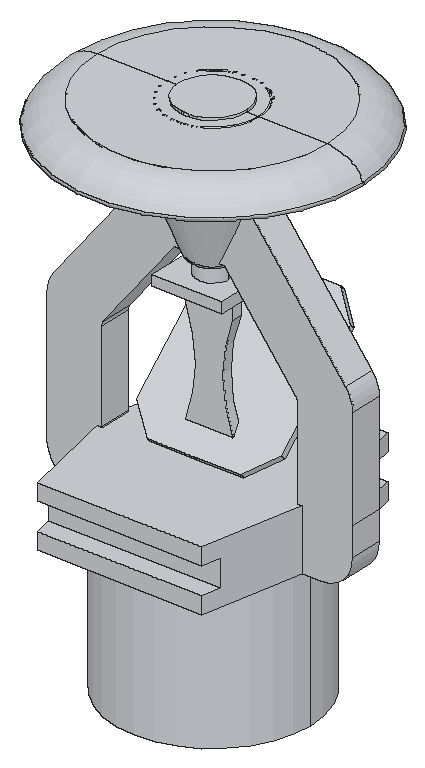
Revit family
Parameters (values of type "RASCO JL112 UPRIGHT")
  Temperature Rating = 212 °F
  Response = 1
  RASCO SIN # = "R7326"
  RASCO Part # = "JL112U2W"
  Pressure Rating = "175 PSI"
  Pressure Class = (empty or 0)
  Orifice Size = 3/4"
  Orifice = (empty or 0)
  Model = "JL112"
  Manufacturer = "RASCO"
  K-Factor = 11.2
  Description = "WHITE FINISH"
  Coverage = (empty or 0)
Reference planes (in)
  plane 1 "Center (Front/Back)": y = 0
  plane 2: z = 0
  plane 3 "Center (Left/Right)": x = 0
Nested families (in)
  nested 1: "JL112U2W" at (0, 0, 0), type "RASCO JL112 UPRIGHT"
Connectors (in)
  piping at (0, 0, 0)
    settings: on nested 1, index 1, connector radius 1/2", flow factor 0, pipe flow 0 GPM, pressure drop 0.00 psi, fitting loss kfactor 0, connector angle 0.00°, fixture units 0, flow configuration 0, flow direction 0, fitting loss method 0, system type 7, connector reference index -1, connector utility 0, adjustable connector no, is connector primary yes, fitting loss table "", connector description ""
Definition of nested family "JL112U2W"
  Parameters (values of type "RASCO JL112 UPRIGHT")
    Type Comments = ""
    Temperature Rating = 0 °F
    Response = (empty or 0)
    Pressure Rating = "0"
    Pressure Class = (empty or 0)
    Orifice Size = 0"
    Orifice = (empty or 0)
    Model = ""
    Manufacturer = ""
    K-Factor = 0
    Description = ""
    Coverage = (empty or 0)
    Assembly Code = ""
  Reference planes (in)
    plane 1 "Center (Front/Back)": y = 0
    plane 2: z = 0
    plane 3 "REF.1": z = 0.773
    plane 4 "top": z = 2.8125
    plane 5: x = -0.81624
    plane 6: x = 0.81332
    plane 7 "ref.2": z = 2.098
    plane 8 "head": z = 2.6725
    plane 9 "left/right center": x = 0
    plane 10 "screw": z = 1.98251
    plane 11 "link2": through (0, -0.02489, 1.21079) normal (0, 0.6767, -0.7363)
  Forms (in)
    Extrusion 1, solid
      sketch origin (0, 0, 0) x (1, 0, 0) y (0, 1, 0)
        loop
          circle (0, 0) r 0.5221
      from 0 to 0.773
    Extrusion 2, solid
      sketch origin (0, 0, 0.773) x (-1, 0, 0) y (0, -1, 0)
        loop
          line (-0.43619, -0.62052) -> (0.4375, -0.62052) -> (0.56391, 0) -> (0.4375, 0.62052) -> (-0.43619, 0.62052) -> (-0.56259, 0) -> (-0.43619, -0.62052)
      from 0 to 0.325
    Extrusion 3, void
      sketch origin (0, 0, 0) x (1, 0, 0) y (0, 0, 1)
        loop
          line (-0.56391, 1.00774) -> (-0.56391, 0.86298) -> (0.56259, 0.86298) -> (0.56259, 1.00774) -> (-0.56391, 1.00774)
      from 0.52148 to 0.62052
    Extrusion 4, solid
      sketch origin (0, 0, 0) x (1, 0, 0) y (0, 0, 1)
        loop
          line (-0.5221, 0.773) -> (-0.5221, 1.098) -> (-0.5221, 1.58091)
          arc (-0.5221, 1.58091) -> (-0.5194, 1.59708) -> (-0.51161, 1.61149) r 0.04979
          line (-0.51161, 1.61149) -> (-0.13316, 2.098) -> (-0.00066, 2.098) -> (0.13184, 2.098) -> (0.5115, 1.61158)
          arc (0.5115, 1.61158) -> (0.51938, 1.59706) -> (0.5221, 1.58077) r 0.05007
          line (0.5221, 1.58077) -> (0.5221, 1.098) -> (0.5221, 0.773) -> (0.64763, 0.773)
          arc (0.64763, 0.773) -> (0.76676, 0.82234) -> (0.8161, 0.94147) r 0.16847
          line (0.8161, 0.94147) -> (0.8161, 1.098) -> (0.8161, 1.63725)
          arc (0.8161, 1.63725) -> (0.80631, 1.69579) -> (0.77801, 1.74796) r 0.17993
          line (0.77801, 1.74796) -> (0.18552, 2.50706) -> (-0.18743, 2.50706) -> (-0.77818, 1.74764)
          arc (-0.77818, 1.74764) -> (-0.80636, 1.69554) -> (-0.8161, 1.63712) r 0.18
          line (-0.8161, 1.63712) -> (-0.8161, 1.098) -> (-0.8161, 0.94094)
          arc (-0.8161, 0.94094) -> (-0.76691, 0.82219) -> (-0.64816, 0.773) r 0.16794
          line (-0.64816, 0.773) -> (-0.5221, 0.773)
      from -0.08649 to 0.08732
    Extrusion 5, void
      sketch origin (0.00728, 1.142, 0) x (1, 0, 0) y (0, 0, 1)
        loop
          line (-0.56391, 1.00774) -> (-0.56391, 0.86298) -> (0.56259, 0.86298) -> (0.56259, 1.00774) -> (-0.56391, 1.00774)
      from 0.52148 to 0.62052
    Revolve 6, solid
      sketch origin (0, 0, 0) x (1, 0, 0) y (0, 0, 1)
        loop
          line (-0.00066, 2.8125) -> (-0.24139, 2.8125)
          arc (-0.24139, 2.8125) -> (-0.25522, 2.80677) -> (-0.26095, 2.79293) r 0.01957
          line (-0.26095, 2.79293) -> (-0.26095, 2.42899)
          arc (-0.26095, 2.42899) -> (-0.25939, 2.41285) -> (-0.25476, 2.3973) r 0.08419
          line (-0.25476, 2.3973) -> (-0.12582, 2.07995)
          arc (-0.12582, 2.07995) -> (-0.11591, 2.06775) -> (-0.10088, 2.06316) r 0.02692
          line (-0.10088, 2.06316) -> (-0.00066, 2.06316) -> (-0.00066, 2.8125)
        axis (-0.00066, 2.8125) -> (-0.00066, 2.06316)
      angle from 0 to 360
    Revolve 7, solid
      sketch origin (0, 0, 0) x (1, 0, 0) y (0, 0, 1)
        loop
          line (-0.00095, 2.8125) -> (-0.61569, 2.8125)
          arc (-0.61569, 2.8125) -> (-0.72648, 2.78068) -> (-0.8035, 2.69491) r 0.20878
          arc (-0.8035, 2.69491) -> (-0.8027, 2.68003) -> (-0.78967, 2.67281) r 0.01538
          line (-0.78967, 2.67281) -> (-0.00095, 2.67281) -> (-0.00095, 2.8125)
        axis (-0.00095, 2.8125) -> (-0.00095, 2.67281)
      angle from 0 to 360
    Extrusion 8, solid
      sketch origin (0, 0, 2.8125) x (-1, 0, 0) y (0, -1, 0)
        loop
          circle (0.00095, 0) r 0.18173
      from 0 to 0.01153
    Extrusion 9, solid
      sketch origin (0, 0, 0) x (1, 0, 0) y (0, 0, 1)
        loop
          line (-0.00066, 1.098) -> (0.12634, 1.098) -> (0.12634, 1.25094)
          arc (0.12634, 1.25094) -> (0.07205, 1.52876) -> (0.12634, 1.80659) r 0.738
          line (0.12634, 1.80659) -> (0.12634, 1.9285) -> (-0.12716, 1.9285) -> (-0.12716, 1.80659)
          arc (-0.12716, 1.80659) -> (-0.07288, 1.52876) -> (-0.12716, 1.25094) r 0.73821
          line (-0.12716, 1.25094) -> (-0.12716, 1.098) -> (-0.00066, 1.098)
      from -0.02698 to 0.02489
    Extrusion 10, solid
      sketch origin (0, 0, 0) x (0, 0, -1) y (0, -1, 0)
        loop
          line (-1.92851, 0.17394) -> (-1.98251, 0.17394) -> (-1.98251, -0.23992)
          arc (-1.98251, -0.23992) -> (-1.96437, -0.3088) -> (-1.91467, -0.35983) r 0.13989
          line (-1.91467, -0.35983) -> (-1.70246, -0.48734)
          arc (-1.70246, -0.48734) -> (-1.69224, -0.50115) -> (-1.69478, -0.51815) r 0.02246
          line (-1.69478, -0.51815) -> (-1.72641, -0.57081) -> (-1.68013, -0.59862) -> (-1.63469, -0.52299)
          arc (-1.63469, -0.52299) -> (-1.62907, -0.4854) -> (-1.65167, -0.45485) r 0.04966
          line (-1.65167, -0.45485) -> (-1.89842, -0.30659)
          arc (-1.89842, -0.30659) -> (-1.92047, -0.28396) -> (-1.92851, -0.25341) r 0.06204
          line (-1.92851, -0.25341) -> (-1.92851, 0.17394)
      from -0.18664 to 0.18723
    Extrusion 11, solid
      sketch origin (0, 0, 1.98251) x (-1, 0, 0) y (0, -1, 0)
        loop
          circle (0, 0) r 0.087
      from 0 to 0.0806
    Extrusion 12, solid
      sketch origin (0, -0.61464, 0.66881) x (0, -0.736298, -0.676658) y (-1, 0, 0)
        loop
          line (-0.69009, 0.00066) -> (-0.69009, 0.24966) -> (-0.83009, 0.38966) -> (-1.45483, 0.38966) -> (-1.59483, 0.24966) -> (-1.59483, -0.24834) -> (-1.45483, -0.38834) -> (-0.83009, -0.38834) -> (-0.69009, -0.24834) -> (-0.69009, 0.00066)
      from -0.02887 to 0
  Cuts and joins
    Extrusion 3, Extrusion 5 cuts Extrusion 2
  Dimensions and locks (in)
    plane 4 "top" to level = 0' - 2 13/16"
